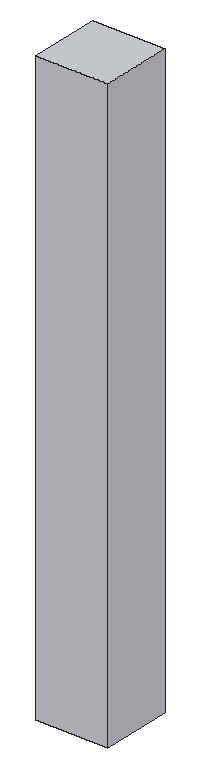
Revit family "Concrete_Square", category Structural Columns, Revit 2024
Family settings
  Display in Hidden Views = Edges Hidden by Other Members
  Section Shape = Not Defined
  Material for Model Behavior = Concrete
  Always export as geometry = No
  Beam cutback in plan = From bounding box
  Cut with Voids When Loaded = No
  Symbolic Representation = From Family
  Shared = No
  Show family pre-cut in plan views = Yes
Parameters (values of type "300 x 300mm")
  b = 300 mm
  Structural Material [instance] = none
  Keynote = "E"
  EA_Repath [instance] = 0 mm
Types (4, lengths in mm): name | b
  300 x 300mm | 300
  450 x 450mm | 450
  600 x 600mm | 600
  750 x 750mm | 750
Reference planes
  plane 1 "Center (Front/Back)": y = 0
  plane 2: z = 0
  plane 3 "Center (Left/Right)": x = 0
  plane 4: x = -150
  plane 5: x = 150
  plane 6: y = 150
  plane 7: y = -150
Forms (mm)
  Extrusion 1, solid, material <- "Structural Material"
    sketch origin (0, 0, 0) x (1, 0, 0) y (0, 1, 0)
      loop
        line (-150, 150) -> (-150, -150) -> (150, -150) -> (150, 150) -> (-150, 150)
    from 0 to 2500
Dimensions and locks
  equal spacing: plane 4, plane 3 "Center (Left/Right)", plane 5
  equal spacing: plane 7, plane 1 "Center (Front/Back)", plane 6
  "b": plane 7 to plane 6
  "b": plane 4 to plane 5
  aligned and locked: plane 6 to Extrusion 1 sketch curve
  aligned and locked: Extrusion 1 sketch curve to plane 7
  aligned and locked: Extrusion 1 sketch curve to plane 4
  aligned and locked: plane 5 to Extrusion 1 sketch curve
  aligned and locked: level to Extrusion 1
  aligned and locked: level to plane 2
  aligned and locked: Extrusion 1 to plane 2
